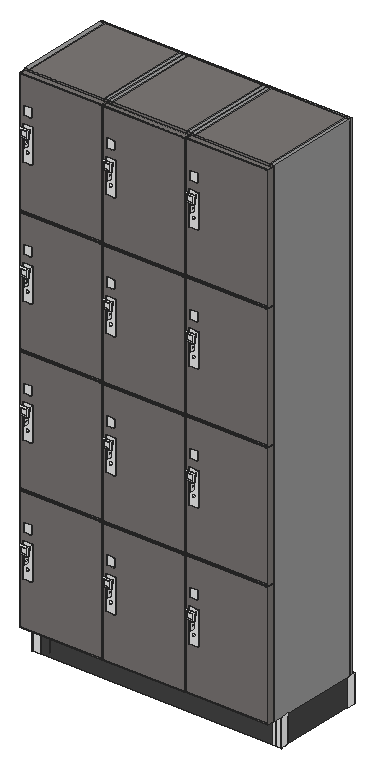
Revit family "Wood_Lockers_Hasps-Salsbury_Industries-44000_Series-3_Wide_Units.rfa", category Specialty Equipment, Revit 2016 (continued)
Definition of nested family "Wood Locker Sloping Hoods"
  Automatic sketch dimensions
    Extrusion 2 sketch curve to level = 0.000"
    Extrusion 2 sketch curve to plane 12 = 0.000"
    plane 16 to Extrusion 2 sketch curve = 0.000"
    Extrusion 2 sketch curve to plane 5 "Back of Hood" = 0.000"
    plane 15 to Extrusion 2 sketch curve = 0.000"
    plane 14 to Extrusion 2 sketch curve = 0.000"
    Extrusion 2 sketch curve to plane 13 = 1.08977"
    Extrusion 2 sketch curve to plane 12 = 0.04881"
    Extrusion 1 sketch curve to level = 0.000"
    Extrusion 1 sketch curve to plane 1 "Center (Front/Back)" = 0.000"
    Extrusion 1 sketch curve to Extrusion 1 sketch curve = 0.24302"
Types (7): name | Unit Height including Sloping Hood Only | Unit Height including Base Only | Sloping Hood Height | Overall Unit Height including Base and Sloping Hood | Model | Flat Top In-Line Filler - Right Side | Description | Depth | Compartment Depth | Base Height | Base Depth | Base
  (no name) | 77.743" | 76.000" | 5.743" | 81.743" | "44365" | Wood Locker Flat In-Line Fillers : None | "3 Wide - 6 Feet High - 15 inches Deep - with Base" | 15.000" | 13.750" | 4.000" | 13.250" | Wood Locker Bases : Base - 36" W x 15" D Lockers
  44365 | 77.743" | 76.000" | 5.743" | 81.743" | "44365" | Wood Locker Flat In-Line Fillers : None | "3 Wide - 6 Feet High - 15 inches Deep - with Base" | 15.000" | 13.750" | 4.000" | 13.250" | Wood Locker Bases : Base - 36" W x 15" D Lockers
  44365 - without Base | 77.743" | 72.000" | 5.743" | 77.743" | "44365 without Base" | Wood Locker Sloping In-Line Fillers : None | "3 Wide - 6 Feet High - 15 inches Deep - without Base" | 15.000" | 13.750" | 0.000" | 13.250" | Wood Locker Bases : None
  44368 | 78.868" | 76.000" | 6.868" | 82.868" | "44368" | Wood Locker Sloping In-Line Fillers : None | "3 Wide - 6 Feet High - 18 inches Deep - with Base" | 18.000" | 16.750" | 4.000" | 16.250" | Wood Locker Bases : Base - 36" W x 18" D Lockers
  44368 - without Base | 78.868" | 72.000" | 6.868" | 78.868" | "44368 without Base" | Wood Locker Sloping In-Line Fillers : None | "3 Wide - 6 Feet High - 18 inches Deep - without Base" | 18.000" | 16.750" | 0.000" | 16.250" | Wood Locker Bases : None
  44361 | 79.993" | 76.000" | 7.993" | 83.993" | "44361" | Wood Locker Sloping In-Line Fillers : None | "3 Wide - 6 Feet High - 21 inches Deep - with Base" | 21.000" | 19.750" | 4.000" | 19.250" | Wood Locker Bases : Base - 36" W x 21" D Lockers
  44361 - without Base | 79.993" | 72.000" | 7.993" | 79.993" | "44361 without Base" | Wood Locker Sloping In-Line Fillers : None | "3 Wide - 6 Feet High - 21 inches Deep - without Base" | 21.000" | 19.750" | 0.000" | 19.250" | Wood Locker Bases : None
